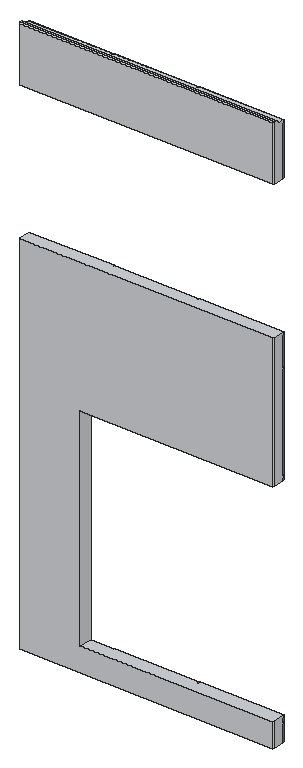
Revit family "GEN_A3-External-Facade-Bottom-Panel-60", category Curtain Panels, Revit 2016
Family settings
  OmniClass Number = 23.25.20.14.11.11.17
  OmniClass Title = Infill Panels
  Always vertical = Yes
  Cut with Voids When Loaded = No
  Shared = No
Parameters (values of type "External Facade")
  Window Space [instance] = 2090 mm
  Top Off Set [instance] = 820 mm
  Top Window RH OS [instance] = 0 mm
  Panel Thickness = 200 mm
  Panel 6 [instance] = Panel 6
  Panel 5 [instance] = Panel 5
  Panel 4 [instance] = Panel 4
  Panel 3 [instance] = Panel 3
  Panel 2 [instance] = Panel 2
  Panel 1 [instance] = Panel 1
  Top WindowLH OS [instance] = 0 mm
  Fill [instance] = Flex
  Cill [instance] = 380 mm
  Bottom Window RH OS [instance] = 0 mm
  Bottom Window LH OS [instance] = 957 mm
  Bottom Window Height [instance] = 3310 mm
  Assembly Code = ""
Reference planes
  plane 1 "Center (Front/Back)": y = 0
  plane 2: z = 0
  plane 3 "Center (Left/Right)": x = 0
  plane 4 "Left": x = -2000
  plane 5 "Right": x = 2000
  plane 6 "Top": z = 8770
  plane 7 "face": y = 100
  plane 8: y = -100
  plane 9: z = 300
  plane 10: z = 3770
  plane 11: z = 5300
  plane 12: x = 666.667
  plane 13: x = -666.667
  plane 14: x = 659.167
  plane 15: x = 674.167
  plane 16: x = -659.167
  plane 17: x = -674.167
  plane 18: z = 5292.5
  plane 19: z = 5307.5
  plane 20: z = 3777.5
  plane 21: z = 3762.5
  plane 22: z = 292.5
  plane 23: z = 307.5
  plane 24: z = 2035
  plane 25: z = 2042.5
  plane 26: z = 2027.5
  plane 27: z = 7035
  plane 28: z = 7042.5
  plane 29: z = 7027.5
  plane 30: x = 2000
  plane 31: x = -2000
  plane 32: z = 7950
  plane 33: z = 380
  plane 34: z = 5780
  plane 35: z = 3690
  plane 36: x = 2000
  plane 37: x = -1043
  plane 38: x = -2005
  plane 39: x = 2005
Forms (mm)
  Extrusion 1, solid
    sketch origin (0, 0, 0) x (0, 1, 0) y (0, 0, 1)
      loop
        line (-100, 0) -> (100, 0) -> (100, 8765) -> (88.75, 8770) -> (15, 8770) -> (-45, 8820) -> (-90, 8820) -> (-100, 8810) -> (-100, 0)
    from -2000 to 2000
  Extrusion 2, void
    sketch origin (0, 0, 0) x (1, 0, 0) y (0, 0, 1)
      loop
        line (2000, 7950) -> (-2000, 7950) -> (-2000, 5780) -> (2000, 5780) -> (2000, 7950)
      loop
        line (2000, 3690) -> (-1043, 3690) -> (-1043, 380) -> (2000, 380) -> (2000, 3690)
    from -100 to 100
  Sweep 3, void
    path origin (0, 100, 0) x (-1, 0, 0) y (0, 0, 1)
      loop
        line (-2000, 300) -> (2000, 300)
    profile "Resess Profile : Resess Profile" origin (0, 100, 300) x (0, 0, 1) y (0, 1, 0)
      loop
        line (-7.5, 0) -> (-2.5, -15) -> (2.5, -15) -> (7.5, 0) -> (-7.5, 0)
  Sweep 4, void
    path origin (0, 100, 1735) x (-1, 0, 0) y (0, 0, 1)
      loop
        line (-2000, 300) -> (2000, 300)
    profile "Resess Profile : Resess Profile" origin (0, 100, 2035) x (0, 0, 1) y (0, 1, 0)
      loop
        line (-7.5, 0) -> (-2.5, -15) -> (2.5, -15) -> (7.5, 0) -> (-7.5, 0)
  Sweep 5, void
    path origin (0, 100, 3470) x (-1, 0, 0) y (0, 0, 1)
      loop
        line (-2000, 300) -> (2000, 300)
    profile "Resess Profile : Resess Profile" origin (0, 100, 3770) x (0, 0, 1) y (0, 1, 0)
      loop
        line (-7.5, 0) -> (-2.5, -15) -> (2.5, -15) -> (7.5, 0) -> (-7.5, 0)
  Sweep 6, void
    path origin (0, 100, 5000) x (-1, 0, 0) y (0, 0, 1)
      loop
        line (-2000, 300) -> (2000, 300)
    profile "Resess Profile : Resess Profile" origin (0, 100, 5300) x (0, 0, 1) y (0, 1, 0)
      loop
        line (-7.5, 0) -> (-2.5, -15) -> (2.5, -15) -> (7.5, 0) -> (-7.5, 0)
  Sweep 7, void
    path origin (86.363, 100, 4255.2) x (0, 0, 1) y (1, 0, 0)
      loop
        line (-3955.2, 580.304) -> (4514.8, 580.304)
    profile "Resess Profile : Resess Profile" origin (666.667, 100, 4535) x (1, 0, 0) y (0, 1, 0)
      loop
        line (-7.5, 0) -> (-2.5, -15) -> (2.5, -15) -> (7.5, 0) -> (-7.5, 0)
  Sweep 8, void
    path origin (-1246.97, 100, 4255.2) x (0, 0, 1) y (1, 0, 0)
      loop
        line (-3955.2, 580.304) -> (4514.8, 580.304)
    profile "Resess Profile : Resess Profile" origin (-666.667, 100, 4535) x (1, 0, 0) y (0, 1, 0)
      loop
        line (-7.5, 0) -> (-2.5, -15) -> (2.5, -15) -> (7.5, 0) -> (-7.5, 0)
  Extrusion 9, void
    sketch origin (0, 0, 0) x (1, 0, 0) y (0, 1, 0)
      loop
        line (-1990, -100) -> (-2000, -90) -> (-2000, -100) -> (-1990, -100)
      loop
        line (-1995, 100) -> (-2000, 100) -> (-2000, 85) -> (-1995, 100)
    from 0 to 8820
  Extrusion 10, void
    sketch origin (0, 0, 0) x (1, 0, 0) y (0, 1, 0)
      loop
        line (1990, -100) -> (2000, -100) -> (2000, -90) -> (1990, -100)
      loop
        line (1995, 100) -> (2000, 85) -> (2000, 100) -> (1995, 100)
    from 0 to 8820
Cuts and joins
  Extrusion 2, Sweep 3, Sweep 4, Sweep 5, Sweep 6, Sweep 7, Sweep 8, Extrusion 9, Extrusion 10 cuts Extrusion 1
Lines and regions (mm)
  Split face 1
    outline origin (2000, 100, 0) x (-1, 0, 0) y (0, 0, 1)
      loop
        line (5, 8760) -> (1325.833, 8760)
Text (mm)
  text "Exterior" at (-2351.972, 1416.179, 0), in view "Ref. Level"
  text "Exterior" at (0, 2290.741, 4406.713), in view "Left"
  text "Exterior" at (0, 1328.187, 4120.349), in view "Right"
Dimensions and locks
  equal spacing: plane 4 "Left", plane 3 "Center (Left/Right)", plane 5 "Right"
  equal spacing: plane 7 "face", plane 1 "Center (Front/Back)", plane 8
  "Panel Thickness": plane 7 "face" to plane 8
  plane 4 "Left" to plane 5 "Right" = 4000 mm
  plane 2 to plane 6 "Top" = 8770 mm
  equal spacing: plane 4 "Left", plane 13, plane 12, plane 5 "Right"
  plane 22 to plane 9 to plane 23 = 7.5 mm locked, 7.5 mm locked
  locked: plane 2 to plane 9 at 300
  plane 9 to plane 10 to plane 11 = 3470 mm locked, 1530 mm locked
  plane 21 to plane 10 to plane 20 = 7.5 mm locked, 7.5 mm locked
  plane 18 to plane 11 to plane 19 = 7.5 mm locked, 7.5 mm locked
  plane 14 to plane 12 to plane 15 = 7.5 mm locked, 7.5 mm locked
  plane 17 to plane 13 to plane 16 = 7.5 mm locked, 7.5 mm locked
  equal spacing: plane 9, plane 24, plane 10
  plane 26 to plane 24 to plane 25 = 7.5 mm locked, 7.5 mm locked
  plane 29 to plane 27 to plane 28 = 7.5 mm locked, 7.5 mm locked
  equal spacing: plane 11, plane 27, plane 6 "Top"
  "Top Off Set": plane 32 to plane 6 "Top"
  "Cill": level to plane 33
  "Top WindowLH OS": plane 4 "Left" to plane 31
  "Top Window RH OS": plane 30 to plane 5 "Right"
  "Bottom Window Height": plane 33 to plane 35
  "Window Space": plane 35 to plane 34
  "Bottom Window RH OS": plane 36 to plane 5 "Right"
  "Bottom Window LH OS": plane 4 "Left" to plane 37
  locked: plane 5 "Right" to plane 39 at 5
  locked: plane 38 to plane 4 "Left" at 5
  aligned and locked: level to plane 2
  aligned and locked: Extrusion 1 sketch curve to level
  aligned and locked: Extrusion 1 sketch curve to plane 8
  aligned and locked: Extrusion 1 to plane 5 "Right"
  aligned and locked: plane 4 "Left" to Extrusion 1
  aligned and locked: plane 32 to Extrusion 2 sketch curve
  aligned and locked: Extrusion 2 sketch curve to plane 30
  aligned and locked: plane 31 to Extrusion 2 sketch curve
  aligned and locked: Extrusion 2 to plane 8
  aligned and locked: Extrusion 2 to plane 7 "face"
  aligned and locked: Extrusion 2 sketch curve to plane 34
  aligned and locked: plane 35 to Extrusion 2 sketch curve
  aligned and locked: Extrusion 2 sketch curve to plane 36
  aligned and locked: Extrusion 2 sketch curve to plane 33
  aligned and locked: plane 37 to Extrusion 2 sketch curve
  aligned and locked: Sweep 3 sketch curve to plane 9
  aligned and locked: plane 31 to Sweep 3 sketch curve
  aligned and locked: plane 30 to Sweep 3 sketch curve
  aligned and locked: plane 12 to Sweep 7 sketch curve
  aligned and locked: plane 9 to Sweep 7 sketch curve
  aligned and locked: plane 6 "Top" to Sweep 7 sketch curve
  aligned and locked: Extrusion 1 to Extrusion 10
  aligned and locked: Extrusion 9 to Extrusion 1
Automatic sketch dimensions
  plane 5 "Right" to Sweep 4 sketch curve = 0 mm
  plane 4 "Left" to Sweep 4 sketch curve = 0 mm
  Sweep 4 sketch curve to plane 24 = 0 mm
  plane 5 "Right" to Sweep 5 sketch curve = 0 mm
  plane 4 "Left" to Sweep 5 sketch curve = 0 mm
  Sweep 5 sketch curve to plane 10 = 0 mm
  plane 5 "Right" to Sweep 6 sketch curve = 0 mm
  plane 4 "Left" to Sweep 6 sketch curve = 0 mm
  Sweep 6 sketch curve to plane 11 = 0 mm
  Sweep 8 sketch curve to plane 9 = 0 mm
  Sweep 8 sketch curve to plane 6 "Top" = 0 mm
  plane 13 to Sweep 8 sketch curve = 0 mm
  Extrusion 9 sketch curve to plane 4 "Left" = 0 mm  (x2)
  Extrusion 9 sketch curve to plane 7 "face" = 0 mm
  Extrusion 9 sketch curve to plane 8 = 0 mm
  Extrusion 9 sketch curve to plane 4 "Left" = 5 mm
  Extrusion 9 sketch curve to Extrusion 9 sketch curve = 10 mm  (x2)
  Extrusion 9 sketch curve to Extrusion 9 sketch curve = 15 mm
  plane 8 to Extrusion 10 sketch curve = 0 mm
  plane 7 "face" to Extrusion 10 sketch curve = 0 mm
  Extrusion 10 sketch curve to plane 5 "Right" = 0 mm  (x2)
  Extrusion 10 sketch curve to Extrusion 10 sketch curve = 5 mm
  plane 5 "Right" to Extrusion 10 sketch curve = 10 mm
  Extrusion 10 sketch curve to Extrusion 10 sketch curve = 10 mm
  Extrusion 10 sketch curve to plane 7 "face" = 15 mm
  plane 6 "Top" to Extrusion 1 sketch curve = 0 mm
  Extrusion 1 sketch curve to plane 7 "face" = 0 mm
  plane 8 to Extrusion 1 sketch curve = 10 mm
  plane 1 "Center (Front/Back)" to Extrusion 1 sketch curve = 45 mm
  Extrusion 1 sketch curve to plane 1 "Center (Front/Back)" = 15 mm
  Extrusion 1 sketch curve to plane 7 "face" = 11.25 mm
  Extrusion 1 sketch curve to plane 6 "Top" = 40 mm
  Extrusion 1 sketch curve to plane 6 "Top" = 50 mm
  plane 6 "Top" to Extrusion 1 sketch curve = 5 mm
  cut or joined group 1 (Extrusion 1, Extrusion 2, Sweep 3, Sweep 4, Sweep 5, Sweep 6, Sweep 7, Sweep 8, Extrusion 9, Extrusion 10) to Split face 1 sketch curve = 0 mm  (x2)
  Split face 1 sketch curve to cut or joined group 1 = 5 mm
